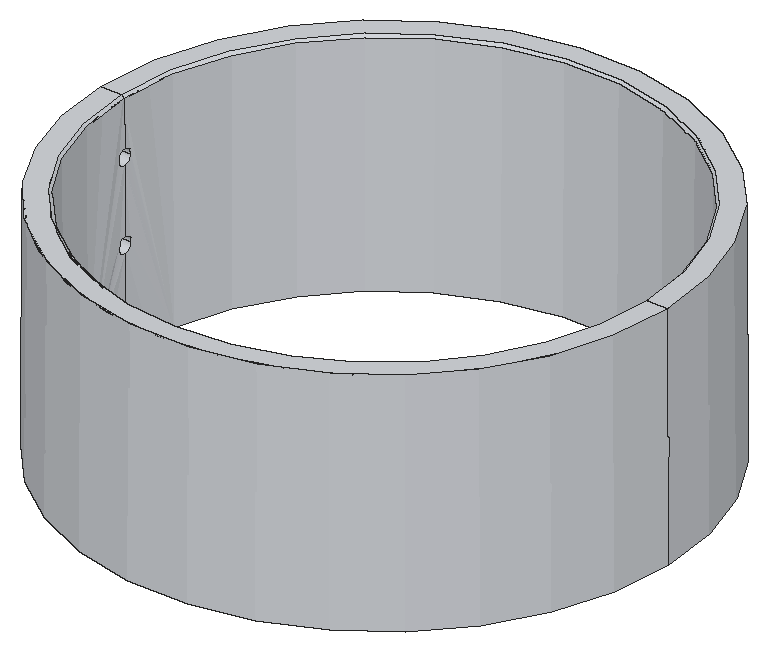
Revit family "Кольцо 2000х890 без замка КС 20.9", category Обобщенные модели, Revit 2023
Family settings
  Может служить основой для арматурных стержней = Нет
  Размер круглого соединителя = Использовать диаметр
  Тип детали = Нормальный
  На основе рабочей плоскости = Нет
  Всегда вертикально = Да
  При загрузке вырезать с полостями = Нет
  Сохранять ориентацию аннотаций = Нет
  Общий = Нет
  Точка принадлежности помещению = Нет
Parameters (values of type "Кольцо 2000х890 без замка КС 20.9")
  фаска = 10 mm
  толщ_на_h2_расч = (t1 - t2) / 2 * (h1 + h2) / ADSK_Размер_Высота + 10 mm  # 13.792 mm
  толщ_на_h1_расч = (t1 - t2) / 2 * h1 / ADSK_Размер_Высота + 10 mm  # 12.079 mm
  сужение_низ = 5 mm
  вырез2 = yes
  вырез1 = yes
  Отметка по умолчанию = 0 mm
  t2 = 90 mm
  t1 = 100 mm
  h2 = 305 mm
  h1 = 370 mm
  ADSK_Размер_Диаметр = 2020 mm
  ADSK_Размер_Высота = 890 mm
  ADSK_Масса = 1387
Reference planes
  plane 1 "По центру (Вперед/Назад)": y = 0
  plane 2: z = 0
  plane 3 "По центру (Влево/Вправо)": x = 0
  plane 4: x = 1010
  plane 5: x = -1010
  plane 6: y = 1010
  plane 7: y = -1010
  plane 8: z = 890
  plane 9: x = -1105
  plane 10: x = 1105
  plane 11: y = 1105
  plane 12: y = -1105
  plane 13: y = 1100
  plane 14: y = -1100
  plane 15: x = -1100
  plane 16: x = 1100
  plane 17: z = 370
  plane 18: z = 675
  plane 19: y = 1005
  plane 20: y = -1005
  plane 21: x = -1005
  plane 22: x = 1005
  plane 23: x = -1091.208
  plane 24: x = -1092.921
  plane 25: x = 1091.208
  plane 26: x = 1092.921
  plane 27: x = -1020
  plane 28: z = 880
Forms (mm)
  Extrusion 1, void, detail levels medium+fine
    sketch origin (0, 0, 0) x (0, -1, 0) y (0, 0, 1)
      loop
        circle (0, 675) r 30
    from -1091.208 to 1091.208
  Extrusion 2, void, detail levels medium+fine
    sketch origin (0, 0, 0) x (0, -1, 0) y (0, 0, 1)
      loop
        circle (0, 370) r 30
    from -1092.921 to 1092.921
  Revolve 3, solid
    sketch origin (0, 0, 0) x (1, 0, 0) y (0, 0, 1)
      loop
        line (-1105, 0) -> (-1005, 0) -> (-1010, 880) -> (-1020, 890) -> (-1100, 890) -> (-1105, 0)
      axis (0, 890) -> (0, 0)
    angle from 0 to 360
Cuts and joins
  Extrusion 1, Extrusion 2 cuts Revolve 3
Dimensions and locks
  equal spacing: plane 5, plane 3 "По центру (Влево/Вправо)", plane 4
  equal spacing: plane 7, plane 1 "По центру (Вперед/Назад)", plane 6
  "ADSK_Размер_Диаметр": plane 5 to plane 4
  "ADSK_Размер_Диаметр": plane 7 to plane 6
  "t1": plane 9 to plane 21
  "t1": plane 22 to plane 10
  "t2": plane 6 to plane 13
  "t2": plane 14 to plane 7
  "t2": plane 15 to plane 5
  "t2": plane 4 to plane 16
  "h1": plane 17 to level
  "h2": plane 18 to plane 17
  "ADSK_Размер_Высота": plane 8 to level
  "сужение_низ": plane 5 to plane 21
  "сужение_низ": plane 22 to plane 4
  "сужение_низ": plane 19 to plane 6
  "сужение_низ": plane 7 to plane 20
  "t1": plane 12 to plane 20
  "t1": plane 19 to plane 11
  "толщ_на_h2_расч": plane 23 to plane 9
  "толщ_на_h1_расч": plane 24 to plane 9
  "толщ_на_h2_расч": plane 10 to plane 25
  "толщ_на_h1_расч": plane 10 to plane 26
  "фаска": plane 8 to plane 28
  "фаска": plane 5 to plane 27
  aligned and locked: level to plane 2
  aligned and locked: Extrusion 1 to plane 23
  aligned and locked: Extrusion 2 to plane 24
  aligned and locked: plane 25 to Extrusion 1
  aligned and locked: plane 26 to Extrusion 2
Automatic sketch dimensions
  Extrusion 1 sketch curve to plane 1 "По центру (Вперед/Назад)" = 0 mm
  Extrusion 1 sketch curve to plane 18 = 0 mm
  Extrusion 2 sketch curve to plane 1 "По центру (Вперед/Назад)" = 0 mm
  Extrusion 2 sketch curve to plane 17 = 0 mm
  Revolve 3 sketch curve to level = 0 mm
  Revolve 3 sketch curve to plane 9 = 0 mm
  Revolve 3 sketch curve to plane 8 = 0 mm
  Revolve 3 sketch curve to plane 15 = 0 mm
  Revolve 3 sketch curve to plane 27 = 0 mm
  Revolve 3 sketch curve to plane 5 = 0 mm
  Revolve 3 sketch curve to plane 21 = 0 mm
  Revolve 3 sketch curve to plane 28 = 0 mm
  radius of Extrusion 1 sketch curve = 30 mm
  radius of Extrusion 2 sketch curve = 30 mm
